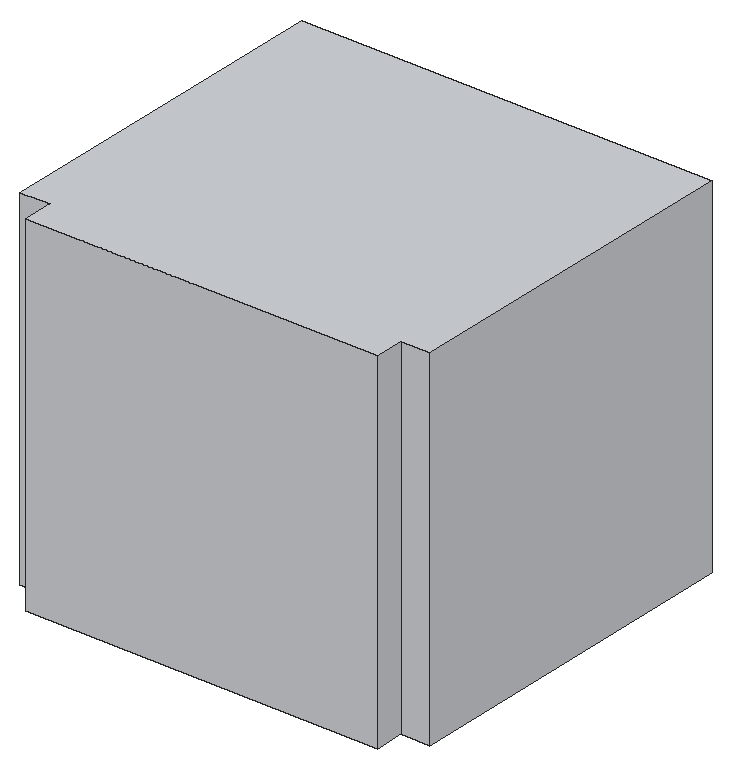
Revit family "M_T retangular", category Conexões de duto, Revit 2019
Family settings
  Cota do conector redondo = Utilizar diâmetro
  Tipo de parte = Tê
  Número OmniClass = 23.75.70.14
  Título OmniClass = Air Ductwork
  ID de item do Seek = Rectangular Tee-0000-CAN-ENU
  Com base no plano de trabalho = Não
  Sempre na vertical = Sim
  Corte com vazios quando carregada = Não
  Compartilhado = Não
Parameters (values of type "Padrão")
  Largura do duto 3 [instance] = 300 mm
  Largura do duto 1 [instance] = 300 mm
  Anteparo [instance] = 25 mm
  Comprimento3a [instance] = Largura do duto 1 / 2  # 150 mm
  Comprimento do duto 3 [instance] = Comprimento3a + Anteparo  # 175 mm
  Comprimento1a [instance] = Largura do duto 3 / 2  # 150 mm
  Comprimento do duto 1 [instance] = Comprimento1a + Anteparo  # 175 mm
  Altura do duto [instance] = 300 mm
Reference planes
  plane 1 "Centro (Frente/Trás)": y = 0
  plane 2: z = 0
  plane 3 "Centro (Esquerda/Direita)": x = 0
  plane 4: x = -175
  plane 5: x = 175
  plane 6: y = -175
Forms (mm)
  Sweep 1, solid, detail levels medium+fine
    path in 3D
      loop
        line (-175, 0, 0) -> (0, 0, 0)
    profile "M_Duto - Retangular : Duto - Retangular" origin (-87.5, 0, 0) x (0, 1, 0) y (0, 0, 1)
      loop
        line (-150, 150) -> (-150, -150) -> (150, -150) -> (150, 150) -> (-150, 150)
  Sweep 2, solid, detail levels medium+fine
    path in 3D
      loop
        line (0, 0, 0) -> (175, 0, 0)
    profile "M_Duto - Retangular : Duto - Retangular" origin (87.5, 0, 0) x (0, 1, 0) y (0, 0, 1)
      loop
        line (-150, 150) -> (-150, -150) -> (150, -150) -> (150, 150) -> (-150, 150)
  Sweep 3, solid, detail levels medium+fine
    path in 3D
      loop
        line (0, 0, 0) -> (0, -175, 0)
    profile "M_Duto - Retangular : Duto - Retangular 3" origin (0, -87.5, 0) x (1, 0, 0) y (0, 0, 1)
      loop
        line (-150, 150) -> (-150, -150) -> (150, -150) -> (150, 150) -> (-150, 150)
Cuts and joins
  joined: Sweep 1, Sweep 2, Sweep 3
Lines and regions (mm)
  reference lines
    curve 1: line (-175, 0, 0) -> (0, 0, 0)
    curve 2: line (0, 0, 0) -> (175, 0, 0)
    curve 3: line (0, 0, 0) -> (0, -175, 0)
  sketch lines
    curve 4: line (-175, 0, 0) -> (0, 0, 0)
    curve 5: line (0, 0, 0) -> (175, 0, 0)
    curve 6: line (0, 0, 0) -> (0, -175, 0)
  model lines, style "DuctFitting", detail levels coarse
    curve 7: line (-175, 0, 0) -> (0, 0, 0)
    curve 8: line (0, 0, 0) -> (175, 0, 0)
    curve 9: line (0, 0, 0) -> (0, -175, 0)
Dimensions and locks
  equal spacing: plane 4, plane 3 "Centro (Esquerda/Direita)", plane 5
  "Comprimento do duto 1": plane 4 to plane 3 "Centro (Esquerda/Direita)"
  "Comprimento do duto 3": plane 6 to plane 1 "Centro (Frente/Trás)"
  aligned and locked: plane 3 "Centro (Esquerda/Direita)" to curve 1
  aligned and locked: plane 4 to curve 1
  aligned and locked: plane 1 "Centro (Frente/Trás)" to curve 1
  aligned and locked: plane 5 to curve 2
  aligned and locked: plane 1 "Centro (Frente/Trás)" to curve 2
  aligned and locked: plane 6 to curve 3
  aligned and locked: curve 7 to curve 1
  aligned and locked: curve 8 to curve 2
  aligned and locked: curve 9 to curve 3
Automatic sketch dimensions
  curve 7 to plane 4 = 0 mm
  curve 8 to plane 5 = 0 mm
  curve 9 to plane 6 = 0 mm
Connectors
  hvac at (-175, 0, 0), driven by "Altura do duto", driven by "Largura do duto 1"
    settings: on cut or joined group of Sweep 1, Sweep 2, Sweep 3, index 1, duct flow 0.0 L/s, flow factor 0, pres drop 0.0 Pa, loss coef 0, conn angle 0.00°, conn width 300 mm, conn height 300 mm, conn diameter 609.6 mm, duct sys type 28, conn prof type 1, flow config 0, flow direction 0, loss method 0, conn ref index 2, conn util no, is conn primary yes, conn desc ""
  hvac at (175, 0, 0), driven by "Altura do duto", driven by "Largura do duto 1"
    settings: on cut or joined group of Sweep 1, Sweep 2, Sweep 3, index 2, duct flow 0.0 L/s, flow factor 0, pres drop 0.0 Pa, loss coef 0, conn angle 0.00°, conn width 300 mm, conn height 300 mm, conn diameter 609.6 mm, duct sys type 28, conn prof type 1, flow config 0, flow direction 0, loss method 0, conn ref index 1, conn util no, is conn primary no, conn desc ""
  hvac at (0, -175, 0), driven by "Altura do duto", driven by "Largura do duto 3"
    settings: on cut or joined group of Sweep 1, Sweep 2, Sweep 3, index 3, duct flow 0.0 L/s, flow factor 0, pres drop 0.0 Pa, loss coef 0, conn angle 0.00°, conn width 300 mm, conn height 300 mm, conn diameter 609.6 mm, duct sys type 28, conn prof type 1, flow config 0, flow direction 0, loss method 0, conn ref index -1, conn util no, is conn primary no, conn desc ""
